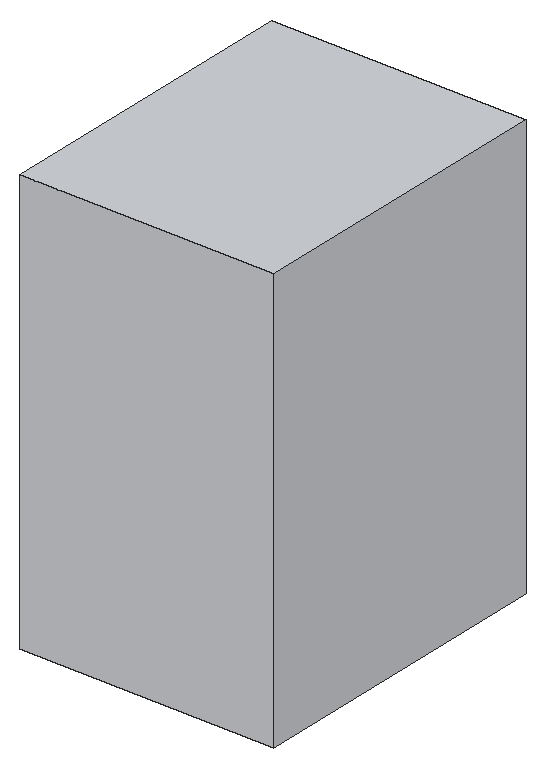
Revit family
Parameters
  r = 0' - 0 1/32"
  opening [instance] = 0' - 5"
  box width = 0' - 9 1/8"
  box height = 1' - 6 1/8"
  box depth = 0' - 4"
  Warranty Duration (Years) = 0
  Unit Width [instance] = 0' - 10 5/8"
  Unit Height [instance] = 1' - 7 5/8"
  Unit Depth = 0' - 0 1/2"
  URL = "http://www.americanspecialties.com/viewCategories.cfm"
  Trim Material = Metal - Stainless Steel
  Test Data = ""
  Specification = "http://www.arcat.com/sdspecs/htm/10810asi.htm"
  SpecWizard = ""
  Send Message = "http://www.arcat.com/users.pl?action=UserEmail&company=American%20Specialties,%20Inc.&coid=30448&rep=139&fax=914-476-0688&mf="
  Sales Information = "http://www.americanspecialties.com/contact"
  Revision = "R1_10-2010"
  Product Properties = "http://www.americanspecialties.com/datasheets/6471.pdf"
  Product Data = "http://www.arcat.com/arcatcos/cos30/arc30448.html"
  Model = "As Specified in 10 28 13"
  Manufacturer Website = "http://www.americanspecialties.com/viewCategories.cfm"
  Manufacturer Phone - Toll Free = ""
  Manufacturer Phone = "914-476-9000 "
  Manufacturer Fax = "914-476-0688"
  Manufacturer Address = "441 Saw Mill River Rd., Yonkers, NY 10701"
  Manufacturer = "American Specialties, Inc."
  Maintenance Schedule (Months) = 0
  Keynote = "10 28 13"
  Installation-Fabrication = "http://www.americanspecialties.com/products.cfm"
  Green Building-LEED = ""
  Expected Lifespan (Years) = 0
  Drawn By = "Robert S. Weygant. CSI, CDT, SCIP"  # constant formula
  Description = "Toilet Accessory as Specified in 10 28 13"
  Default Elevation = 4' - 0"
  Copyright = "©Arcat Inc."
  Construction Details = "http://www.arcat.com/green/clients/leed_data_30448.html"
  Building Codes = "http://www.americanspecialties.com/products.cfm"
  Body Material = Metal - Stainless Steel
  Assembly Code = "C1030210"
Reference planes (in)
  plane 1 "Center (Front/Back)": y = -0.29112
  plane 2 "Floor Line": z = 0
  plane 3 "Center (Left/Right)": x = -0.65843
Forms (in)
  Extrusion 1, solid
    sketch origin (-3, -9, -6) x (0, 0, -1) y (1, 0, 0)
      loop
        line (-82, 26) -> (-82, -19.34712) -> (-6, -19.34712) -> (-6, 26) -> (-82, 26)
    from 15.29112 to -41.06337
  Extrusion 2, solid, material "Metal - Stainless Steel" <- "Body Material"
    sketch origin (0, 0, 0) x (1, 0, 0) y (0, 1, 0)
      loop
        line (-5.22093, 8.77138) -> (-5.22093, -9.35362) -> (3.90407, -9.35362) -> (3.90407, 8.77138) -> (-5.22093, 8.77138)
    from -0.44986 to -4.44986
  Extrusion 3, solid, material "Metal - Stainless Steel" <- "Body Material"
    sketch origin (-0.90625, -0.29112, 0) x (1, 0, 0) y (0, 0, 1)
      loop
        line (-5.06468, -0.44986) -> (5.56032, -0.44986) -> (5.56032, 0.01889)
        arc (5.56032, 0.01889) -> (5.55116, 0.04098) -> (5.52907, 0.05014) r 0.03125
        line (5.52907, 0.05014) -> (-5.03343, 0.05014)
        arc (-5.03343, 0.05014) -> (-5.05553, 0.04098) -> (-5.06468, 0.01889) r 0.03125
        line (-5.06468, 0.01889) -> (-5.06468, -0.44986)
    from -9.8125 to 9.8125
  Extrusion 4, solid, material "Metal - Stainless Steel" <- "Trim Material"
    sketch origin (0, 0, 0) x (1, 0, 0) y (0, 1, 0)
      loop
        circle (-3.67883, -0.29112) r 0.25
    from 0.05014 to 0.08139
  Extrusion 5, void
    sketch origin (0, 0, 0) x (1, 0, 0) y (0, 1, 0)
      loop
        line (-4.97093, 8.52138) -> (-4.97093, 3.52138) -> (3.65407, 3.52138) -> (3.65407, 8.52138) -> (-4.97093, 8.52138)
    from 0 to 0.05014
  Extrusion 6, solid, material "Metal - Stainless Steel" <- "Body Material"
    sketch origin (0, 0, 0) x (1, 0, 0) y (0, 1, 0)
      loop
        line (-4.97093, 8.52138) -> (-4.97093, 3.52138) -> (3.65407, 3.52138) -> (3.65407, 8.52138) -> (-4.97093, 8.52138)
    from 0 to 0.05014
  Extrusion 7, solid, material "Metal - Stainless Steel" <- "Trim Material"
    sketch origin (0, 0, 0) x (1, 0, 0) y (0, 1, 0)
      loop
        circle (1.96718, 4.56401) r 0.5
    from 0.05014 to 0.08139
  Extrusion 8, void
    sketch origin (0, 0, 0) x (1, 0, 0) y (0, 1, 0)
      loop
        line (-5.22093, 8.77138) -> (-5.22093, -9.35362) -> (3.90407, -9.35362) -> (3.90407, 8.77138) -> (-5.22093, 8.77138)
    from 0 to -4.44986
Cuts and joins
  Extrusion 5 cuts Extrusion 2
  Extrusion 5 cuts Extrusion 3
Dimensions and locks (in)
  Extrusion 3 sketch curve to Extrusion 3 sketch curve = 0' - 10 5/8"
  Extrusion 3 sketch curve to Extrusion 3 sketch curve = 0' - 0 1/2"
  locked: Extrusion 6 to Extrusion 7 sketch curve at 1.04263
  locked: Extrusion 7 sketch curve to Extrusion 6 at 1.68689
  "r": radius of Extrusion 3 sketch curve  (x2)
  aligned and locked: Extrusion 1 to level
  aligned and locked: Extrusion 4 to Extrusion 5
  aligned and locked: Extrusion 5 to level
  aligned and locked: cut or joined group of Extrusion 3, Extrusion 5 to Extrusion 6 sketch curve
  aligned and locked: Extrusion 6 sketch curve to cut or joined group of Extrusion 3, Extrusion 5  (x3)
  aligned and locked: Extrusion 6 to level
  aligned and locked: Extrusion 4 to Extrusion 6
Automatic sketch dimensions
  Extrusion 1 sketch curve to Extrusion 1 sketch curve = 6' - 4"
  Extrusion 1 sketch curve to Extrusion 1 sketch curve = 3' - 9.34712"
  Extrusion 2 sketch curve to plane 3 "Center (Left/Right)" = 0' - 4 9/16"
  plane 3 "Center (Left/Right)" to Extrusion 2 sketch curve = 0' - 4 9/16"
  plane 1 "Center (Front/Back)" to Extrusion 2 sketch curve = 0' - 9 1/16"
  Extrusion 2 sketch curve to plane 1 "Center (Front/Back)" = 0' - 9 1/16"
  Extrusion 3 sketch curve to level = 0' - 0.44986"
  Extrusion 3 sketch curve to plane 3 "Center (Left/Right)" = 0' - 5 5/16"
  Extrusion 4 sketch curve to plane 1 "Center (Front/Back)" = 0' - 0"
  plane 3 "Center (Left/Right)" to Extrusion 5 sketch curve = 0' - 4 5/16"
  Extrusion 5 sketch curve to plane 1 "Center (Front/Back)" = 0' - 3 13/16"
  Extrusion 5 sketch curve to Extrusion 5 sketch curve = 0' - 5"
  Extrusion 5 sketch curve to plane 3 "Center (Left/Right)" = 0' - 4 5/16"
  Extrusion 4 sketch curve to plane 3 "Center (Left/Right)" = 0' - 3.0204"
  Extrusion 8 sketch curve to plane 3 "Center (Left/Right)" = 0' - 4 9/16"
  plane 3 "Center (Left/Right)" to Extrusion 8 sketch curve = 0' - 4 9/16"
  plane 1 "Center (Front/Back)" to Extrusion 8 sketch curve = 0' - 9 1/16"
  Extrusion 8 sketch curve to plane 1 "Center (Front/Back)" = 0' - 9 1/16"
  radius of Extrusion 4 sketch curve = 0' - 0 1/4"
  radius of Extrusion 7 sketch curve = 0' - 0 1/2"
